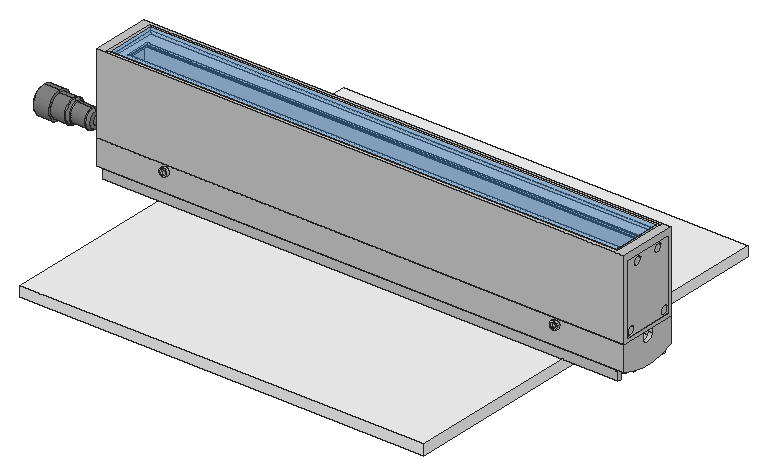
Revit family "BE_77154_de_DE", category Leuchten, Revit 2020
Family settings
  Basisbauteil = Fläche
  Bemaßung runder Anschluss = Durchmesser verwenden
  Teiletyp = Normal
  Beim Laden mit Abzugskörper schneiden = Ja
  Lichtquelle = Ja
  Gemeinsam genutzt = Nein
  Raumberechnungspunkt = Ja
Parameters (values of type "BEGA_77154_Silber_K4")
  built-in parameter 1150104 = 13.686 (stored number, unit not read)
  Wattage = 16.8 W
  Default Elevation = 0 mm
  built-in parameter 1150113 = 1 (stored number, unit not read)
  built-in parameter 1114218 = 1 (stored number, unit not read)
  Umgebungstemperatur = "25 °C"
  URL = "https://www.bega.com/de/produkt/77154"
  Typenkommentare = "© 2022 BEGA. Wir behalten uns das Recht vor, technische Änderungen ohne vorherige Ankündigung vorzunehmen."  # constant formula
  Type Image = 77154.png
  built-in parameter 1150134 = 12
  built-in parameter 1150109 = 1 (stored number, unit not read)
  Strom = ""
  built-in parameter 1150110 = 1 (stored number, unit not read)
  Spannung = 239.996 V
  Sonderanfertigung = no
  Seriennummer [instance] = "Hier können Sie die eindeutige Seriennummer für das Facility Management eintragen."
  Schutzklasse = "I"
  Schutzart = "IP 65"
  Scheinlast = 0 VA
  Produktdatenblatt = "https://cdn.bega.com/bega/products/77154K3/current/documents/data-sheets/de"
  Oberflächentemperatur = ""
  Neigungswinkel = 0.00°
  Modell = "77154AK4"
  Material_18 = BEGA_Gummi_schwarz
  Material_17 = BEGA_Reflektor
  Material_15 = BEGA_Leuchtmedium_matt
  Material_11 = BEGA_Glas_opal
  Material_10 = BEGA_Glas_matt
  Material_09 = BEGA_Glas_klar
  Material_06 = BEGA_Oberfläche_Edelstahl_gebürstet
  Material_04 = BEGA_Kunststoff_Grafit_matt
  Material_03 = BEGA_Oberfläche_Weiss_matt
  Material_02 = BEGA_Oberfläche_Silber_matt
  Material_01 [instance] = BEGA_Oberfläche_Grafit_matt
  M_G = no
  M_A = yes
  Logo = 0
  built-in parameter 1114217 = 1 (stored number, unit not read)
  built-in parameter 1150139 = (empty or 0)
  built-in parameter 1150105 = 196.95 (stored number, unit not read)
  built-in parameter 1150114 = 1 (stored number, unit not read)
  Lumens = 2474.98 lm
  built-in parameter 1150115 = 1 (stored number, unit not read)
  Leuchtenlichtstrom = "1287 lm"
  Leuchtenanzahl = ""
  Lebensdauerkriterien = "L70B50 @ 25 °C = 200000 h"
  Lastklassifizierung = Beleuchtung
  built-in parameter 1150112 = 1 (stored number, unit not read)
  Lampenlichtstrom = "2670 lm"
  Lampe = "LED 13.4 W"
  LED_Modulbezeichnung = "LED-0928/840"
  built-in parameter 1150142 = (empty or 0)
  Hersteller = "BEGA"  # constant formula
  Halbstreuwinkel = ""
  Gewicht = "3.0 kg"
  Gebrauchslageneinschränkung [instance] = ""
  Frequenz = "0/50-60 Hz"
  Farbwiedergabeindex = "CRI > 80"
  Farbtemperaturverschiebung bei Dämpfen der Lampe = <Keine Auswahl>
  Farbtemperatur = "4000 K"
  Color Filter = 16777215
  built-in parameter 1150133 = 10 (stored number, unit not read)
  Energieeffizienzklasse = "LED A++ - A"
  built-in parameter 1150137 = (empty or 0)
  built-in parameter 1150132 = (empty or 0)
  ENEC = "ja"
  Dimmbar [instance] = "DALI"
  Datei für fotometrisches Netz = "BE_77154K4.IES"
  CE_Konformität = "ja"
  Bestellnummer = "77154AK4"
  Beschreibung_Sonderanfertigung = "Hier können Sie Informationen zur Sonderanfertigung eintragen."
  Beschreibung = "Fassadenscheinwerfer"
  built-in parameter 1150106 = 1.9695 (stored number, unit not read)
  Befestigungsbohrung = "Ø 7 mm"
  Befestigungsabstand = "395 mm"
  Ballwurfsicher = ""
  BEGA_Intern_aus = yes
  BEGA_Intern_an = yes
  BEGA_Intern_Konstruktion = yes
  BEGA_Intern = yes
  BEGA_IES = yes
  BEGA_Dummy = no
  Anschlussleitung = "0.5 m X05BQ-F 5 G 1 mm²"
  Anschlussleistung [instance] = "15.5 W"
  built-in parameter 1150107 = 4000 (stored number, unit not read)
  built-in parameter 1150102 = (empty or 0)
  built-in parameter 1150138 = (empty or 0)
  Aktualisierung = "2022-05-19T04:00:07"
  Abstand_zur_angestrahlten_Fläche [instance] = ""
  AC/DC = "AC/DC"
Types (4, lengths in mm): name | built-in parameter 1150104 | built-in parameter 1150134 | Modell | M_G | M_A | built-in parameter 1150105 | Lumens | Leuchtenlichtstrom | Lampenlichtstrom | LED_Modulbezeichnung | Farbtemperatur | Datei für fotometrisches Netz | Bestellnummer | built-in parameter 1150106 | built-in parameter 1150107
  BEGA_77154_Silber_K4 | 13.686 (stored number, unit not read) | 12 | "77154AK4" | no | yes | 196.95 (stored number, unit not read) | 2474.98 lm | "1287 lm" | "2670 lm" | "LED-0928/840" | "4000 K" | "BE_77154K4.IES" | "77154AK4" | 1.9695 (stored number, unit not read) | 4000 (stored number, unit not read)
  BEGA_77154_Silber_K3 | 12.525 (stored number, unit not read) | (empty or 0) | "77154AK3" | no | yes | 180.24 (stored number, unit not read) | 2264.98 lm | "1251 lm" | "2595 lm" | "LED-0928/830" | "3000 K" | "BE_77154K3.IES" | "77154AK3" | 1.8024 (stored number, unit not read) | 3000 (stored number, unit not read)
  BEGA_77154_Grafit_K3 | 12.525 (stored number, unit not read) | (empty or 0) | "77154K3" | yes | no | 180.24 (stored number, unit not read) | 2264.98 lm | "1251 lm" | "2595 lm" | "LED-0928/830" | "3000 K" | "BE_77154K3.IES" | "77154K3" | 1.8024 (stored number, unit not read) | 3000 (stored number, unit not read)
  BEGA_77154_Grafit_K4 | 13.686 (stored number, unit not read) | 12 | "77154K4" | yes | no | 196.95 (stored number, unit not read) | 2474.98 lm | "1287 lm" | "2670 lm" | "LED-0928/840" | "4000 K" | "BE_77154K4.IES" | "77154K4" | 1.9695 (stored number, unit not read) | 4000 (stored number, unit not read)
Reference planes
  plane 1 "Mitte (Vorne/Hinten)": y = 0
  plane 2: z = 0
  plane 3 "Mitte (Links/Rechts)": x = 0
  plane 4 "Links": x = -261
  plane 5 "Rechts": x = 261
  plane 6 "Unten": y = -29
  plane 7 "Oben": y = 29
  plane 8 "Vorne": z = 113.3
  plane 9 "Hinten": z = 0
Forms (mm)
  Extrusion 1, solid, material "BEGA_Platte_Weiss"
    sketch origin (0, -1119.2, 0) x (1, 0, 0) y (0, 1, 0)
      loop
        line (-200, 1319.2) -> (-200, 919.2) -> (200, 919.2) -> (200, 1319.2) -> (-200, 1319.2)
    from 0 to -10
  Extrusion 2, solid, material "BEGA_Dummy_matt", visible <- "BEGA_Dummy"
    sketch origin (80.095, -76.023, 0) x (1, 0, 0) y (0, 1, 0)
      loop
        line (-341.095, 105.023) -> (-341.095, 47.023) -> (180.905, 47.023) -> (180.905, 105.023) -> (-341.095, 105.023)
    from 0 to 113.3
Dimensions and locks
  plane 1 "Mitte (Vorne/Hinten)" to Extrusion 1 = 200 mm
  aligned and locked: plane 2 to Extrusion 1
  aligned and locked: level to Extrusion 1
Nested families
  nested 1: "BE_77154_Scheinwerfer" at (0, 0, 0), type "BE_77154_Scheinwerfer"
Connectors
  electrical at (0, 0, 0), driven by "Lastklassifizierung", driven by "Spannung", driven by "Scheinlast"
    settings: index 1, voltage 239.996 V, apparent load 0 VA, apparent load phase1 0 VA, apparent load phase2 0 VA, apparent load phase3 0 VA, power factor 1, load classification "Beleuchtung", number of poles 1, system type 31, power factor state 1, is connector primary yes, connector utility no, sub classification motor no, connector description ""
Definition of nested family "BE_77154_Scheinwerfer"
  Parameters (values of type "BE_77154_Scheinwerfer")
    Default Elevation = 1 mm
    URL = "http://www.bega.de/de/produkt"
    Type Comments = "© 2015 BEGA. Wir behalten uns das Recht vor, technische Änderungen ohne vorherige Ankündigung vorzunehmen. "  # constant formula
    Type Image = (empty or 0)
    Material_18 = none
    Material_17 = none
    Material_15 = none
    Material_11 = none
    Material_10 = none
    Material_09 = none
    Material_06 = none
    Material_04 = none
    Material_03 = none
    Material_02 = none
    Material_01 = none
    M_W = yes
    M_G = yes
    M_A = yes
    Länge_Platte = 600 mm  # constant formula
    Höhe_Platte = -10 mm  # constant formula
    Manufacturer = "BEGA"  # constant formula
    Breite_Platte = 200 mm  # constant formula
  Reference planes
    plane 1 "Mitte (Oben/Unten)": y = 0
    plane 2: z = 0
    plane 3 "Mitte (Links/Rechts)": x = 0
    plane 4: x = -342.9
    plane 5: x = 261
    plane 6: z = 113.3
    plane 7: y = -29
    plane 8: y = 29
  Forms (mm)
    Extrusion 1, solid, detail levels medium
      sketch origin (0, 0, 0) x (1, 0, 0) y (0, 1, 0)
        loop
          line (-300, 100) -> (-300, -100) -> (300, -100) -> (300, 100) -> (-300, 100)
      from 0 to -10 <- "Höhe_Platte"
    Extrusion 2, solid, material <- "Material_01", visible <- "M_G", detail levels medium+fine
      sketch origin (0, 0, 0) x (0, 1, 0) y (0, 0, 1)
        loop
          line (-29, 0) -> (-26.3, 0) -> (-26.3, 4.91)
          arc (-26.3, 4.91) -> (-26.086, 5.32) -> (-25.627, 5.379) r 0.5
          arc (-25.627, 5.379) -> (-17.92, 3.003) -> (-10, 1.479) r 74
          line (-10, 1.479) -> (-10, 0.2) -> (10, 0.2) -> (10, 1.482)
          arc (10, 1.482) -> (17.921, 3.006) -> (25.629, 5.383) r 73.998
          arc (25.629, 5.383) -> (26.086, 5.326) -> (26.299, 4.918) r 0.497
          line (26.299, 4.918) -> (26.299, 0) -> (29, 0) -> (29, 8.899)
          arc (29, 8.899) -> (28.775, 9.317) -> (28.302, 9.358) r 0.5
          arc (28.302, 9.358) -> (0, 3.5) -> (-28.301, 9.358) r 71.3
          arc (-28.301, 9.358) -> (-28.774, 9.317) -> (-29, 8.899) r 0.5
          line (-29, 8.899) -> (-29, 0)
      from -255 to 255
    Extrusion 3, solid, material <- "Material_01", visible <- "M_G", detail levels medium+fine
      sketch origin (0, 0, 0) x (0, 1, 0) y (0, 0, 1)
        loop
          arc (-29, 9.993) -> (0, 3.8) -> (29, 9.993) r 71
          line (29, 9.993) -> (29, 34.8) -> (25.401, 34.8) -> (25.401, 12.395)
          arc (25.401, 12.395) -> (0, 7.696) -> (-25.401, 12.395) r 71
          line (-25.401, 12.395) -> (-25.401, 34.8) -> (-29, 34.8) -> (-29, 9.993)
      from -261 to 261
    Sweep 4, solid, material <- "Material_01", visible <- "M_G", detail levels medium+fine
      path origin (0, 0, 0) x (1, 0, 0) y (0, 1, 0)
        loop
          line (-261, 29) -> (-261, -29) -> (261, -29) -> (261, 29) -> (-261, 29)
      profile origin (-261, 0, 0) x (1, 0, 0) y (0, 0, 1)
        loop
          line (0, 113.3) -> (0, 34.8) -> (11, 34.8) -> (11, 40.679) -> (3.5, 40.679) -> (3.5, 103.406) -> (17.035, 103.406)
          arc (17.035, 103.406) -> (17.719, 103.711) -> (18, 104.406) r 1
          line (18, 104.406) -> (18, 105.896)
          arc (18, 105.896) -> (17.713, 106.596) -> (17.017, 106.895) r 1
          line (17.017, 106.895) -> (11.125, 106.895) -> (8.794, 113.3) -> (0, 113.3)
    Extrusion 5, void
      sketch origin (0, 0, 0) x (1, 0, 0) y (0, 0, 1)
        loop
          line (261, 37.756) -> (261, 107.746) -> (258.218, 107.746) -> (258.218, 37.756) -> (261, 37.756)
      from -26.267 to 26.244
    Extrusion 6, solid, material <- "Material_01", visible <- "M_G", detail levels medium+fine
      sketch origin (0, 0, 0) x (1, 0, 0) y (0, 0, 1)
        loop
          line (260.719, 106.748) -> (258.218, 106.748) -> (258.218, 38.353) -> (260.719, 38.353) -> (260.719, 106.748)
      from -25.5 to 25.5
    Extrusion 7, solid, material <- "Material_01", visible <- "M_G", detail levels medium+fine
      sketch origin (0, 0, 0) x (0, 1, 0) y (0, 0, 1)
        loop
          line (-29, 34.8) -> (-29, 9.993)
          arc (-29, 9.993) -> (0, 3.8) -> (29, 9.993) r 71
          line (29, 9.993) -> (29, 34.8) -> (6, 34.8) -> (6, 29.8)
          arc (6, 29.8) -> (0, 23.8) -> (-6, 29.8) r 6
          line (-6, 29.8) -> (-6, 34.8) -> (-29, 34.8)
      from 257 to 261
    Extrusion 8, solid, material <- "Material_01", visible <- "M_G", detail levels medium+fine
      sketch origin (0, 0, 0) x (0, 1, 0) y (0, 0, -1)
        loop
          line (-29, -34.8) -> (-6, -34.8) -> (-6, -29.8)
          arc (-6, -29.8) -> (0, -23.8) -> (6, -29.8) r 6
          line (6, -29.8) -> (6, -34.8) -> (29, -34.8) -> (29, -10.487)
          arc (29, -10.487) -> (0, -4.294) -> (-29, -10.487) r 71
          line (-29, -10.487) -> (-29, -34.8)
      from 257 to 261
    Extrusion 9, void
      sketch origin (0, 0, 0) x (1, 0, 0) y (0, 1, 0)
        loop
          circle (0, 0) r 7.5
        loop
          circle (-200, 0) r 3.5
        loop
          circle (200, 0) r 3.5
      from 0 to 10
    Revolve 10, solid, material <- "Material_01", visible <- "M_G", detail levels medium+fine
      sketch origin (-193, 0, 0) x (0, 1, 0) y (0, 0, 1)
        loop
          line (-31.453, 32.75) -> (-31.453, 31.8) -> (-27.5, 31.8) -> (-27.5, 32.75) -> (-31.453, 32.75)
        axis (-31.453, 28.8) -> (-27.5, 28.8)
      angle from 0 to 360
    Revolve 11, solid, material <- "Material_01", visible <- "M_G", detail levels medium+fine
      sketch origin (193, 0, 0) x (0, 1, 0) y (0, 0, -1)
        loop
          line (-31.453, -32.75) -> (-27.5, -32.75) -> (-27.5, -31.8) -> (-31.453, -31.8) -> (-31.453, -32.75)
        axis (-31.453, -28.8) -> (-27.5, -28.8)
      angle from 0 to 360
    Revolve 12, solid, material <- "Material_06", detail levels fine
      sketch origin (-193, 0, 0) x (0, 1, 0) y (0, 0, 1)
        loop
          line (-30.053, 31.8) -> (-30.053, 28.8) -> (-26.193, 28.8) -> (-26.193, 31.8) -> (-30.053, 31.8)
        axis (-30.053, 28.8) -> (-26.193, 28.8)
      angle from 0 to 360
    Revolve 13, solid, material <- "Material_06", detail levels fine
      sketch origin (193, 0, 0) x (0, 1, 0) y (0, 0, -1)
        loop
          line (-30.053, -31.8) -> (-26.193, -31.8) -> (-26.193, -28.8) -> (-30.053, -28.8) -> (-30.053, -31.8)
        axis (-30.053, -28.8) -> (-26.193, -28.8)
      angle from 0 to 360
    Revolve 14, solid, material <- "Material_04", detail levels medium+fine
      sketch origin (0, 0, 0) x (1, 0, 0) y (0, 0, 1)
        loop
          line (-320.8, 43.3) -> (-335.5, 43.3) -> (-336.7, 42.1) -> (-336.7, 32.8) -> (-342.9, 32.8) -> (-342.9, 29.8) -> (-260.5, 29.8) -> (-260.5, 34.15) -> (-284, 34.15) -> (-284, 37.8) -> (-287, 39.3) -> (-288, 39.3)
          arc (-288, 39.3) -> (-288.146, 38.947) -> (-288.5, 38.8) r 0.5
          line (-288.5, 38.8) -> (-302.464, 38.8)
          arc (-302.464, 38.8) -> (-303.418, 38.99) -> (-304.228, 39.528) r 2.5
          line (-304.228, 39.528) -> (-305.707, 41.008)
          arc (-305.707, 41.008) -> (-306.032, 41.224) -> (-306.414, 41.3) r 1
          line (-306.414, 41.3) -> (-320, 41.3) -> (-320, 39.8) -> (-320.8, 39.8) -> (-320.8, 43.3)
        axis (-342.9, 29.8) -> (-260.5, 29.8)
      angle from 0 to 360
    Revolve 15, void
      sketch origin (0, -12.5, -0.101) x (1, 0, 0) y (0, 0, 1)
        loop
          line (261.225, 106.482) -> (258.494, 103.752) -> (258.494, 101.902) -> (261.225, 101.902) -> (261.225, 106.482)
        axis (258.494, 101.902) -> (261.225, 101.902)
      angle from 0 to 360
    Revolve 16, void
      sketch origin (0, 12.5, -0.101) x (1, 0, 0) y (0, 0, -1)
        loop
          line (261.225, -106.482) -> (261.225, -101.902) -> (258.494, -101.902) -> (258.494, -103.752) -> (261.225, -106.482)
        axis (258.494, -101.902) -> (261.225, -101.902)
      angle from 0 to 360
    Revolve 17, void
      sketch origin (0, -20.5, -58.602) x (1, 0, 0) y (0, 0, 1)
        loop
          line (261.225, 106.482) -> (258.494, 103.752) -> (258.494, 101.902) -> (261.225, 101.902) -> (261.225, 106.482)
        axis (258.494, 101.902) -> (261.225, 101.902)
      angle from 0 to 360
    Revolve 18, void
      sketch origin (0, 20.5, -58.602) x (1, 0, 0) y (0, 0, -1)
        loop
          line (261.225, -106.482) -> (261.225, -101.902) -> (258.494, -101.902) -> (258.494, -103.752) -> (261.225, -106.482)
        axis (258.494, -101.902) -> (261.225, -101.902)
      angle from 0 to 360
    Extrusion 19, solid, material <- "Material_06", detail levels fine
      sketch origin (0, 0, 0) x (0, 1, 0) y (0, 0, 1)
        loop
          circle (-12.5, 101.8) r 4.009
        loop
          circle (12.5, 101.8) r 4.009
        loop
          circle (-20.5, 43.3) r 4.009
        loop
          circle (20.5, 43.3) r 4.009
      from 259.244 to 260.506
    Extrusion 20, solid, material <- "Material_10", detail levels medium+fine
      sketch origin (0, 0, 0) x (1, 0, 0) y (0, 0, 1)
        loop
          line (-250.25, 113) -> (-250.25, 109) -> (250.25, 109) -> (250.25, 113) -> (-250.25, 113)
      from -25 to 25
    Sweep 21, void
      path origin (0, 0, 0) x (1, 0, 0) y (0, 1, 0)
        loop
          line (255, 29) -> (-255, 29) -> (-255, -29) -> (255, -29) -> (255, 29)
      profile origin (0, 29, 0) x (0, -1, 0) y (0, 0, 1)
        loop
          line (12.06, 106.895) -> (9.517, 113.881) -> (2.237, 113.881) -> (4.779, 106.895) -> (12.06, 106.895)
    Extrusion 22, solid, material <- "Material_02", visible <- "M_A", detail levels medium+fine
      sketch origin (0, 0, 0) x (0, 1, 0) y (0, 0, 1)
        loop
          line (-29, 0) -> (-26.3, 0) -> (-26.3, 4.91)
          arc (-26.3, 4.91) -> (-26.086, 5.32) -> (-25.627, 5.379) r 0.5
          arc (-25.627, 5.379) -> (-17.92, 3.003) -> (-10, 1.479) r 74
          line (-10, 1.479) -> (-10, 0.2) -> (10, 0.2) -> (10, 1.482)
          arc (10, 1.482) -> (17.921, 3.006) -> (25.629, 5.383) r 73.998
          arc (25.629, 5.383) -> (26.086, 5.326) -> (26.299, 4.918) r 0.497
          line (26.299, 4.918) -> (26.299, 0) -> (29, 0) -> (29, 8.899)
          arc (29, 8.899) -> (28.775, 9.317) -> (28.302, 9.358) r 0.5
          arc (28.302, 9.358) -> (0, 3.5) -> (-28.301, 9.358) r 71.3
          arc (-28.301, 9.358) -> (-28.774, 9.317) -> (-29, 8.899) r 0.5
          line (-29, 8.899) -> (-29, 0)
      from -255 to 255
    Extrusion 23, solid, material <- "Material_02", visible <- "M_A", detail levels medium+fine
      sketch origin (0, 0, 0) x (0, 1, 0) y (0, 0, 1)
        loop
          arc (-29, 9.993) -> (0, 3.8) -> (29, 9.993) r 71
          line (29, 9.993) -> (29, 34.8) -> (25.401, 34.8) -> (25.401, 12.395)
          arc (25.401, 12.395) -> (0, 7.696) -> (-25.401, 12.395) r 71
          line (-25.401, 12.395) -> (-25.401, 34.8) -> (-29, 34.8) -> (-29, 9.993)
      from -261 to 261
    Extrusion 24, solid, material <- "Material_02", visible <- "M_A", detail levels medium+fine
      sketch origin (0, 0, 0) x (0, 1, 0) y (0, 0, 1)
        loop
          line (-29, 34.8) -> (-29, 9.993)
          arc (-29, 9.993) -> (0, 3.8) -> (29, 9.993) r 71
          line (29, 9.993) -> (29, 34.8) -> (6, 34.8) -> (6, 29.8)
          arc (6, 29.8) -> (0, 23.8) -> (-6, 29.8) r 6
          line (-6, 29.8) -> (-6, 34.8) -> (-29, 34.8)
      from 257 to 261
    Extrusion 25, solid, material <- "Material_02", visible <- "M_A", detail levels medium+fine
      sketch origin (0, 0, 0) x (0, 1, 0) y (0, 0, -1)
        loop
          line (-29, -34.8) -> (-6, -34.8) -> (-6, -29.8)
          arc (-6, -29.8) -> (0, -23.8) -> (6, -29.8) r 6
          line (6, -29.8) -> (6, -34.8) -> (29, -34.8) -> (29, -10.487)
          arc (29, -10.487) -> (0, -4.294) -> (-29, -10.487) r 71
          line (-29, -10.487) -> (-29, -34.8)
      from 257 to 261
    Revolve 26, solid, material <- "Material_02", visible <- "M_A", detail levels medium+fine
      sketch origin (-193, 0, 0) x (0, 1, 0) y (0, 0, 1)
        loop
          line (-31.453, 32.75) -> (-31.453, 31.8) -> (-27.5, 31.8) -> (-27.5, 32.75) -> (-31.453, 32.75)
        axis (-31.453, 28.8) -> (-27.5, 28.8)
      angle from 0 to 360
    Revolve 27, solid, material <- "Material_02", visible <- "M_A", detail levels medium+fine
      sketch origin (193, 0, 0) x (0, 1, 0) y (0, 0, -1)
        loop
          line (-31.453, -32.75) -> (-27.5, -32.75) -> (-27.5, -31.8) -> (-31.453, -31.8) -> (-31.453, -32.75)
        axis (-31.453, -28.8) -> (-27.5, -28.8)
      angle from 0 to 360
    Sweep 28, solid, material <- "Material_02", visible <- "M_A", detail levels medium+fine
      path origin (0, 0, 0) x (1, 0, 0) y (0, 1, 0)
        loop
          line (-261, 29) -> (-261, -29) -> (261, -29) -> (261, 29) -> (-261, 29)
      profile origin (-261, 0, 0) x (1, 0, 0) y (0, 0, 1)
        loop
          line (0, 113.3) -> (0, 34.8) -> (11, 34.8) -> (11, 40.679) -> (3.5, 40.679) -> (3.5, 103.406) -> (17.035, 103.406)
          arc (17.035, 103.406) -> (17.719, 103.711) -> (18, 104.406) r 1
          line (18, 104.406) -> (18, 105.896)
          arc (18, 105.896) -> (17.713, 106.596) -> (17.017, 106.895) r 1
          line (17.017, 106.895) -> (11.125, 106.895) -> (8.794, 113.3) -> (0, 113.3)
    Extrusion 29, solid, material <- "Material_02", visible <- "M_A", detail levels medium+fine
      sketch origin (0, 0, 0) x (1, 0, 0) y (0, 0, 1)
        loop
          line (260.719, 106.748) -> (258.218, 106.748) -> (258.218, 38.353) -> (260.719, 38.353) -> (260.719, 106.748)
      from -25.5 to 25.5
  Cuts and joins
    Extrusion 5, Sweep 21 cuts Sweep 4
    Extrusion 9 cuts Extrusion 3
    Extrusion 9 cuts Extrusion 7
    Extrusion 9 cuts Extrusion 8
    joined: Extrusion 3, Extrusion 7, Extrusion 8, Revolve 10, Revolve 11
    Extrusion 9 cuts Extrusion 2
    Revolve 15, Revolve 16, Revolve 17, Revolve 18 cuts Extrusion 6
    Extrusion 9 cuts Extrusion 22
    joined: Extrusion 23, Extrusion 24, Extrusion 25, Revolve 26, Revolve 27
    Extrusion 5, Sweep 21 cuts Sweep 28
    Revolve 15, Revolve 16, Revolve 17, Revolve 18 cuts Extrusion 29
  Dimensions and locks
    equal spacing: Extrusion 1 sketch curve, plane 3 "Mitte (Links/Rechts)", Extrusion 1 sketch curve
    equal spacing: Extrusion 1 sketch curve, plane 1 "Mitte (Oben/Unten)", Extrusion 1 sketch curve
    "Länge_Platte": Extrusion 1 sketch curve to Extrusion 1 sketch curve
    "Breite_Platte": Extrusion 1 sketch curve to Extrusion 1 sketch curve
    level to Extrusion 3 = 34.8 mm
    aligned and locked: Extrusion 1 to plane 2
    aligned and locked: level to Extrusion 1
  Automatic sketch dimensions
    Extrusion 2 sketch curve to Extrusion 2 sketch curve = 0 mm  (x5)
    Extrusion 2 sketch curve to level = 0 mm  (x2)
    level to Extrusion 2 sketch curve = 8.899 mm
    plane 1 "Mitte (Oben/Unten)" to Extrusion 2 sketch curve = 29 mm
    Extrusion 2 sketch curve to Extrusion 2 sketch curve = 0.5 mm  (x2)
    Extrusion 2 sketch curve to Extrusion 2 sketch curve = 2.7 mm
    level to Extrusion 2 sketch curve = 0.2 mm
    plane 1 "Mitte (Oben/Unten)" to Extrusion 2 sketch curve = 10 mm
    Extrusion 2 sketch curve to plane 1 "Mitte (Oben/Unten)" = 0 mm  (x2)
    Extrusion 2 sketch curve to plane 1 "Mitte (Oben/Unten)" = 10 mm
    level to Extrusion 2 sketch curve = 4.918 mm
    Extrusion 2 sketch curve to Extrusion 2 sketch curve = 15.802 mm
    Extrusion 2 sketch curve to Extrusion 2 sketch curve = 0.497 mm
    Extrusion 2 sketch curve to Extrusion 2 sketch curve = 2.201 mm
    Extrusion 2 sketch curve to Extrusion 2 sketch curve = 2.701 mm
    Extrusion 2 sketch curve to Extrusion 2 sketch curve = 1.279 mm
    Extrusion 2 sketch curve to Extrusion 2 sketch curve = 1.282 mm
    Extrusion 2 sketch curve to Extrusion 2 sketch curve = 3.989 mm
    Extrusion 2 sketch curve to Extrusion 2 sketch curve = 3.981 mm
    Extrusion 2 sketch curve to Extrusion 2 sketch curve = 65.901 mm
    Extrusion 2 sketch curve to Extrusion 2 sketch curve = 0.002 mm
    Extrusion 2 sketch curve to Extrusion 2 sketch curve = 0.198 mm  (x2)
    Extrusion 3 sketch curve to plane 1 "Mitte (Oben/Unten)" = 0 mm  (x2)
    plane 1 "Mitte (Oben/Unten)" to Extrusion 3 sketch curve = 25.401 mm
    Extrusion 3 sketch curve to Extrusion 3 sketch curve = 3.599 mm  (x2)
    level to Extrusion 3 sketch curve = 12.395 mm
    Extrusion 3 sketch curve to plane 1 "Mitte (Oben/Unten)" = 25.401 mm
    Extrusion 3 sketch curve to Extrusion 3 sketch curve = 2.402 mm
    Extrusion 3 sketch curve to Extrusion 3 sketch curve = 22.405 mm  (x2)
    Extrusion 3 sketch curve to Extrusion 3 sketch curve = 40 mm
    Extrusion 3 sketch curve to Extrusion 3 sketch curve = 3.895 mm
    plane 1 "Mitte (Oben/Unten)" to Sweep 4 sketch curve = 29 mm
    Sweep 4 sketch curve to plane 3 "Mitte (Links/Rechts)" = 261 mm
    plane 3 "Mitte (Links/Rechts)" to Sweep 4 sketch curve = 261 mm
    Sweep 4 sketch curve to plane 1 "Mitte (Oben/Unten)" = 29 mm
    profile plane to Sweep 4 sketch curve = 0 mm
    Sweep 4 sketch curve to profile plane = 3.5 mm
    Sweep 4 sketch curve to profile plane = 8.794 mm
    Sweep 4 sketch curve to Sweep 4 sketch curve = 7.5 mm
    Sweep 4 sketch curve to Sweep 4 sketch curve = 2.331 mm
    Sweep 4 sketch curve to Sweep 4 sketch curve = 5.875 mm
    Sweep 4 sketch curve to Sweep 4 sketch curve = 0 mm
    Sweep 4 sketch curve to Sweep 4 sketch curve = 0.017 mm
    Sweep 4 sketch curve to Sweep 4 sketch curve = 0.035 mm
    Sweep 4 sketch curve to Sweep 4 sketch curve = 1 mm
    level to Sweep 4 sketch curve = 34.8 mm
    Sweep 4 sketch curve to Sweep 4 sketch curve = 5.878 mm
    Sweep 4 sketch curve to Sweep 4 sketch curve = 62.728 mm
    Sweep 4 sketch curve to Sweep 4 sketch curve = 1.49 mm
    Sweep 4 sketch curve to Sweep 4 sketch curve = 9.894 mm
    level to Extrusion 5 sketch curve = 37.756 mm
    plane 3 "Mitte (Links/Rechts)" to Extrusion 5 sketch curve = 258.218 mm
    Extrusion 5 sketch curve to Extrusion 5 sketch curve = 2.782 mm
    Extrusion 5 sketch curve to Extrusion 5 sketch curve = 69.99 mm
    level to Extrusion 6 sketch curve = 38.353 mm
    plane 3 "Mitte (Links/Rechts)" to Extrusion 6 sketch curve = 258.218 mm
    Extrusion 6 sketch curve to Extrusion 6 sketch curve = 2.501 mm
    Extrusion 6 sketch curve to Extrusion 6 sketch curve = 68.395 mm
    Extrusion 7 sketch curve to plane 1 "Mitte (Oben/Unten)" = 0 mm  (x2)
    plane 1 "Mitte (Oben/Unten)" to Extrusion 7 sketch curve = 6 mm
    Extrusion 7 sketch curve to Extrusion 7 sketch curve = 23 mm
    level to Extrusion 7 sketch curve = 9.993 mm
    Extrusion 7 sketch curve to plane 1 "Mitte (Oben/Unten)" = 29 mm
    level to Extrusion 7 sketch curve = 29.8 mm
    Extrusion 7 sketch curve to Extrusion 7 sketch curve = 5 mm  (x2)
    Extrusion 7 sketch curve to Extrusion 7 sketch curve = 40 mm
    Extrusion 8 sketch curve to plane 1 "Mitte (Oben/Unten)" = 0 mm  (x2)
    plane 1 "Mitte (Oben/Unten)" to Extrusion 8 sketch curve = 6 mm
    Extrusion 8 sketch curve to Extrusion 8 sketch curve = 23 mm
    level to Extrusion 8 sketch curve = 10.487 mm
    Extrusion 8 sketch curve to plane 1 "Mitte (Oben/Unten)" = 29 mm
    level to Extrusion 8 sketch curve = 29.8 mm
    Extrusion 8 sketch curve to Extrusion 8 sketch curve = 5 mm  (x2)
    Extrusion 8 sketch curve to Extrusion 8 sketch curve = 40.494 mm
    Extrusion 9 sketch curve to plane 1 "Mitte (Oben/Unten)" = 0 mm
    plane 1 "Mitte (Oben/Unten)" to Extrusion 9 sketch curve = 0 mm  (x2)
    Extrusion 9 sketch curve to plane 3 "Mitte (Links/Rechts)" = 0 mm
    Extrusion 9 sketch curve to Extrusion 9 sketch curve = 200 mm
    plane 3 "Mitte (Links/Rechts)" to Extrusion 9 sketch curve = 200 mm
    plane 1 "Mitte (Oben/Unten)" to Revolve 10 sketch curve = 31.453 mm
    Revolve 10 sketch curve to Revolve 10 sketch curve = 3.953 mm
    level to Revolve 10 sketch curve = 31.8 mm
    Revolve 10 sketch curve to Revolve 10 sketch curve = 0.95 mm
    Revolve 10 sketch curve to Revolve 10 sketch curve = 0.641 mm
    Revolve 10 sketch curve to Revolve 10 sketch curve = 2.294 mm
    Revolve 10 sketch curve to Revolve 10 sketch curve = 3 mm
    plane 1 "Mitte (Oben/Unten)" to Revolve 11 sketch curve = 31.453 mm
    Revolve 11 sketch curve to Revolve 11 sketch curve = 3.953 mm
    level to Revolve 11 sketch curve = 32.75 mm
    Revolve 11 sketch curve to Revolve 11 sketch curve = 0.95 mm
    Revolve 11 sketch curve to Revolve 11 sketch curve = 0.641 mm
    Revolve 11 sketch curve to Revolve 11 sketch curve = 2.294 mm
    Revolve 11 sketch curve to Revolve 11 sketch curve = 3 mm
    plane 1 "Mitte (Oben/Unten)" to Revolve 12 sketch curve = 30.053 mm
    Revolve 12 sketch curve to Revolve 12 sketch curve = 3.861 mm
    level to Revolve 12 sketch curve = 28.8 mm
    Revolve 12 sketch curve to Revolve 12 sketch curve = 3 mm
    Revolve 12 sketch curve to Revolve 12 sketch curve = 1.053 mm
    Revolve 12 sketch curve to Revolve 12 sketch curve = 1.25 mm
    Revolve 12 sketch curve to Revolve 12 sketch curve = 0 mm
    plane 1 "Mitte (Oben/Unten)" to Revolve 13 sketch curve = 30.053 mm
    Revolve 13 sketch curve to Revolve 13 sketch curve = 3.861 mm
    level to Revolve 13 sketch curve = 31.8 mm
    Revolve 13 sketch curve to Revolve 13 sketch curve = 3 mm
    Revolve 13 sketch curve to Revolve 13 sketch curve = 1.053 mm
    Revolve 13 sketch curve to Revolve 13 sketch curve = 1.25 mm
    Revolve 13 sketch curve to Revolve 13 sketch curve = 0 mm
    level to Revolve 14 sketch curve = 29.8 mm
    Revolve 14 sketch curve to plane 3 "Mitte (Links/Rechts)" = 342.9 mm
    level to Revolve 14 sketch curve = 42.1 mm
    Revolve 14 sketch curve to Revolve 14 sketch curve = 6.2 mm
    level to Revolve 14 sketch curve = 43.3 mm
    Revolve 14 sketch curve to Revolve 14 sketch curve = 1.2 mm
    Revolve 14 sketch curve to Revolve 14 sketch curve = 14.7 mm
    Revolve 14 sketch curve to Revolve 14 sketch curve = 0.8 mm
    Revolve 14 sketch curve to Revolve 14 sketch curve = 13.586 mm
    level to Revolve 14 sketch curve = 39.528 mm
    Revolve 14 sketch curve to Revolve 14 sketch curve = 2.187 mm
    Revolve 14 sketch curve to Revolve 14 sketch curve = 1.763 mm
    Revolve 14 sketch curve to Revolve 14 sketch curve = 13.964 mm
    Revolve 14 sketch curve to Revolve 14 sketch curve = 0.5 mm
    Revolve 14 sketch curve to Revolve 14 sketch curve = 1 mm  (x2)
    level to Revolve 14 sketch curve = 37.8 mm
    Revolve 14 sketch curve to Revolve 14 sketch curve = 3 mm  (x2)
    Revolve 14 sketch curve to Revolve 14 sketch curve = 23.5 mm
    Revolve 14 sketch curve to Revolve 14 sketch curve = 4.35 mm
    Revolve 14 sketch curve to Revolve 14 sketch curve = 3.5 mm
    Revolve 14 sketch curve to Revolve 14 sketch curve = 0.772 mm
    Revolve 14 sketch curve to Revolve 14 sketch curve = 1.5 mm
    Revolve 14 sketch curve to Revolve 14 sketch curve = 0.707 mm
    level to Revolve 14 sketch curve = 41.008 mm
    Revolve 14 sketch curve to Revolve 14 sketch curve = 0 mm
    Revolve 14 sketch curve to Revolve 14 sketch curve = 3.702 mm
    Revolve 14 sketch curve to Revolve 14 sketch curve = 7.729 mm
    Revolve 14 sketch curve to Revolve 14 sketch curve = 9 mm
    level to Revolve 15 sketch curve = 101.8 mm
    plane 3 "Mitte (Links/Rechts)" to Revolve 15 sketch curve = 258.494 mm
    Revolve 15 sketch curve to Revolve 15 sketch curve = 2.731 mm  (x2)
    Revolve 15 sketch curve to Revolve 15 sketch curve = 1.85 mm
    Revolve 15 sketch curve to Revolve 15 sketch curve = 0 mm  (x2)
    Revolve 15 sketch curve to Revolve 15 sketch curve = 1.225 mm
    level to Revolve 16 sketch curve = 101.8 mm
    plane 3 "Mitte (Links/Rechts)" to Revolve 16 sketch curve = 258.494 mm
    Revolve 16 sketch curve to Revolve 16 sketch curve = 2.731 mm  (x2)
    Revolve 16 sketch curve to Revolve 16 sketch curve = 1.85 mm
    Revolve 16 sketch curve to Revolve 16 sketch curve = 0 mm  (x2)
    Revolve 16 sketch curve to Revolve 16 sketch curve = 1.225 mm
    level to Revolve 17 sketch curve = 43.3 mm
    plane 3 "Mitte (Links/Rechts)" to Revolve 17 sketch curve = 258.494 mm
    Revolve 17 sketch curve to Revolve 17 sketch curve = 2.731 mm  (x2)
    Revolve 17 sketch curve to Revolve 17 sketch curve = 1.85 mm
    Revolve 17 sketch curve to Revolve 17 sketch curve = 0 mm  (x2)
    Revolve 17 sketch curve to Revolve 17 sketch curve = 1.225 mm
    level to Revolve 18 sketch curve = 43.3 mm
    plane 3 "Mitte (Links/Rechts)" to Revolve 18 sketch curve = 258.494 mm
    Revolve 18 sketch curve to Revolve 18 sketch curve = 2.731 mm  (x2)
    Revolve 18 sketch curve to Revolve 18 sketch curve = 1.85 mm
    Revolve 18 sketch curve to Revolve 18 sketch curve = 0 mm  (x2)
    Revolve 18 sketch curve to Revolve 18 sketch curve = 1.225 mm
    plane 1 "Mitte (Oben/Unten)" to Extrusion 19 sketch curve = 20.5 mm
    plane 1 "Mitte (Oben/Unten)" to Extrusion 19 sketch curve = 12.5 mm
    Extrusion 19 sketch curve to plane 1 "Mitte (Oben/Unten)" = 12.5 mm
    Extrusion 19 sketch curve to plane 1 "Mitte (Oben/Unten)" = 20.5 mm
    level to Extrusion 19 sketch curve = 43.3 mm
    Extrusion 19 sketch curve to Extrusion 19 sketch curve = 0 mm  (x2)
    Extrusion 19 sketch curve to Extrusion 19 sketch curve = 58.5 mm
    level to Extrusion 20 sketch curve = 109 mm
    Extrusion 20 sketch curve to plane 3 "Mitte (Links/Rechts)" = 250.25 mm
    plane 3 "Mitte (Links/Rechts)" to Extrusion 20 sketch curve = 250.25 mm
    Extrusion 20 sketch curve to Extrusion 20 sketch curve = 4 mm
    Sweep 21 sketch curve to plane 1 "Mitte (Oben/Unten)" = 29 mm
    Sweep 21 sketch curve to plane 3 "Mitte (Links/Rechts)" = 255 mm
    plane 1 "Mitte (Oben/Unten)" to Sweep 21 sketch curve = 29 mm
    plane 3 "Mitte (Links/Rechts)" to Sweep 21 sketch curve = 255 mm
    Sweep 21 sketch curve to profile plane = 2.237 mm
    Sweep 21 sketch curve to profile plane = 4.779 mm
    Sweep 21 sketch curve to Sweep 21 sketch curve = 7.28 mm  (x2)
    level to Sweep 21 sketch curve = 106.895 mm
    Sweep 21 sketch curve to Sweep 21 sketch curve = 6.985 mm
    Extrusion 22 sketch curve to Extrusion 22 sketch curve = 0 mm  (x5)
    Extrusion 22 sketch curve to level = 0 mm  (x2)
    level to Extrusion 22 sketch curve = 8.899 mm
    plane 1 "Mitte (Oben/Unten)" to Extrusion 22 sketch curve = 29 mm
    Extrusion 22 sketch curve to Extrusion 22 sketch curve = 0.5 mm  (x2)
    Extrusion 22 sketch curve to Extrusion 22 sketch curve = 2.7 mm
    level to Extrusion 22 sketch curve = 0.2 mm
    plane 1 "Mitte (Oben/Unten)" to Extrusion 22 sketch curve = 10 mm
    Extrusion 22 sketch curve to plane 1 "Mitte (Oben/Unten)" = 0 mm  (x2)
    Extrusion 22 sketch curve to plane 1 "Mitte (Oben/Unten)" = 10 mm
    level to Extrusion 22 sketch curve = 4.918 mm
    Extrusion 22 sketch curve to Extrusion 22 sketch curve = 15.802 mm
    Extrusion 22 sketch curve to Extrusion 22 sketch curve = 0.497 mm
    Extrusion 22 sketch curve to Extrusion 22 sketch curve = 2.201 mm
    Extrusion 22 sketch curve to Extrusion 22 sketch curve = 2.701 mm
    Extrusion 22 sketch curve to Extrusion 22 sketch curve = 1.279 mm
    Extrusion 22 sketch curve to Extrusion 22 sketch curve = 1.282 mm
    Extrusion 22 sketch curve to Extrusion 22 sketch curve = 3.989 mm
    Extrusion 22 sketch curve to Extrusion 22 sketch curve = 3.981 mm
    Extrusion 22 sketch curve to Extrusion 22 sketch curve = 65.901 mm
    Extrusion 22 sketch curve to Extrusion 22 sketch curve = 0.002 mm
    Extrusion 22 sketch curve to Extrusion 22 sketch curve = 0.198 mm  (x2)
    Extrusion 23 sketch curve to plane 1 "Mitte (Oben/Unten)" = 0 mm  (x2)
    plane 1 "Mitte (Oben/Unten)" to Extrusion 23 sketch curve = 25.401 mm
    Extrusion 23 sketch curve to Extrusion 23 sketch curve = 3.599 mm  (x2)
    level to Extrusion 23 sketch curve = 12.395 mm
    Extrusion 23 sketch curve to plane 1 "Mitte (Oben/Unten)" = 25.401 mm
    Extrusion 23 sketch curve to Extrusion 23 sketch curve = 2.402 mm
    Extrusion 23 sketch curve to Extrusion 23 sketch curve = 22.405 mm  (x2)
    Extrusion 23 sketch curve to Extrusion 23 sketch curve = 40 mm
    Extrusion 23 sketch curve to Extrusion 23 sketch curve = 3.895 mm
    Extrusion 24 sketch curve to plane 1 "Mitte (Oben/Unten)" = 0 mm  (x2)
    plane 1 "Mitte (Oben/Unten)" to Extrusion 24 sketch curve = 6 mm
    Extrusion 24 sketch curve to Extrusion 24 sketch curve = 23 mm
    level to Extrusion 24 sketch curve = 9.993 mm
    Extrusion 24 sketch curve to plane 1 "Mitte (Oben/Unten)" = 29 mm
    level to Extrusion 24 sketch curve = 29.8 mm
    Extrusion 24 sketch curve to Extrusion 24 sketch curve = 5 mm  (x2)
    Extrusion 24 sketch curve to Extrusion 24 sketch curve = 40 mm
    Extrusion 25 sketch curve to plane 1 "Mitte (Oben/Unten)" = 0 mm  (x2)
    plane 1 "Mitte (Oben/Unten)" to Extrusion 25 sketch curve = 6 mm
    Extrusion 25 sketch curve to Extrusion 25 sketch curve = 23 mm
    level to Extrusion 25 sketch curve = 10.487 mm
    Extrusion 25 sketch curve to plane 1 "Mitte (Oben/Unten)" = 29 mm
    level to Extrusion 25 sketch curve = 29.8 mm
    Extrusion 25 sketch curve to Extrusion 25 sketch curve = 5 mm  (x2)
    Extrusion 25 sketch curve to Extrusion 25 sketch curve = 40.494 mm
    plane 1 "Mitte (Oben/Unten)" to Revolve 26 sketch curve = 31.453 mm
    Revolve 26 sketch curve to Revolve 26 sketch curve = 3.953 mm
    level to Revolve 26 sketch curve = 31.8 mm
    Revolve 26 sketch curve to Revolve 26 sketch curve = 0.95 mm
    Revolve 26 sketch curve to Revolve 26 sketch curve = 0.641 mm
    Revolve 26 sketch curve to Revolve 26 sketch curve = 2.294 mm
    Revolve 26 sketch curve to Revolve 26 sketch curve = 3 mm
    plane 1 "Mitte (Oben/Unten)" to Revolve 27 sketch curve = 31.453 mm
    Revolve 27 sketch curve to Revolve 27 sketch curve = 3.953 mm
    level to Revolve 27 sketch curve = 32.75 mm
    Revolve 27 sketch curve to Revolve 27 sketch curve = 0.95 mm
    Revolve 27 sketch curve to Revolve 27 sketch curve = 0.641 mm
    Revolve 27 sketch curve to Revolve 27 sketch curve = 2.294 mm
    Revolve 27 sketch curve to Revolve 27 sketch curve = 3 mm
    plane 1 "Mitte (Oben/Unten)" to Sweep 28 sketch curve = 29 mm
    Sweep 28 sketch curve to plane 3 "Mitte (Links/Rechts)" = 261 mm
    plane 3 "Mitte (Links/Rechts)" to Sweep 28 sketch curve = 261 mm
    Sweep 28 sketch curve to plane 1 "Mitte (Oben/Unten)" = 29 mm
    profile plane to Sweep 28 sketch curve = 0 mm
    Sweep 28 sketch curve to profile plane = 3.5 mm
    Sweep 28 sketch curve to profile plane = 8.794 mm
    Sweep 28 sketch curve to Sweep 28 sketch curve = 7.5 mm
    Sweep 28 sketch curve to Sweep 28 sketch curve = 2.331 mm
    Sweep 28 sketch curve to Sweep 28 sketch curve = 5.875 mm
    Sweep 28 sketch curve to Sweep 28 sketch curve = 0 mm
    Sweep 28 sketch curve to Sweep 28 sketch curve = 0.017 mm
    Sweep 28 sketch curve to Sweep 28 sketch curve = 0.035 mm
    Sweep 28 sketch curve to Sweep 28 sketch curve = 1 mm
    level to Sweep 28 sketch curve = 34.8 mm
    Sweep 28 sketch curve to Sweep 28 sketch curve = 5.878 mm
    Sweep 28 sketch curve to Sweep 28 sketch curve = 62.728 mm
    Sweep 28 sketch curve to Sweep 28 sketch curve = 1.49 mm
    Sweep 28 sketch curve to Sweep 28 sketch curve = 9.894 mm
    level to Extrusion 29 sketch curve = 38.353 mm
    plane 3 "Mitte (Links/Rechts)" to Extrusion 29 sketch curve = 258.218 mm
    Extrusion 29 sketch curve to Extrusion 29 sketch curve = 2.501 mm
    Extrusion 29 sketch curve to Extrusion 29 sketch curve = 68.395 mm
    radius of Extrusion 9 sketch curve = 7.5 mm
    radius of Extrusion 9 sketch curve = 3.5 mm  (x2)
    radius of Extrusion 19 sketch curve = 4.009 mm  (x4)
